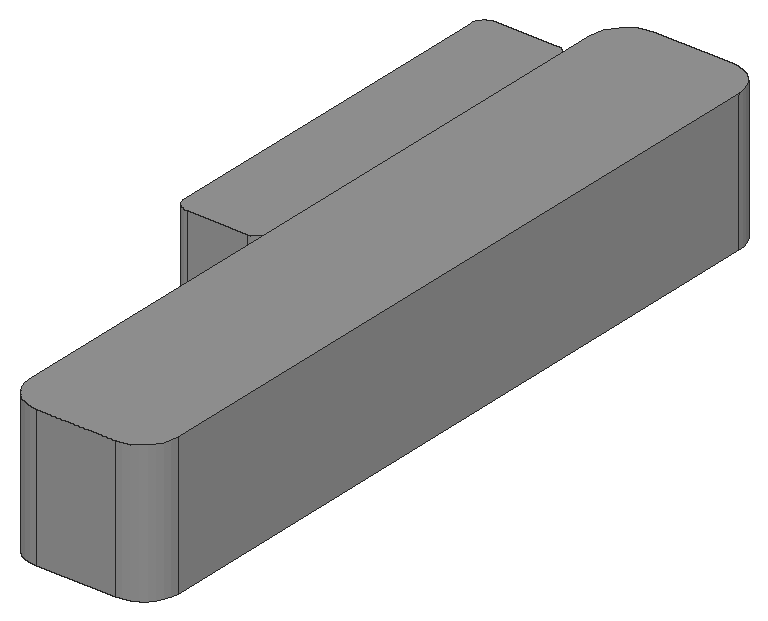
Revit family "AlarmsWirelessDoorSensor", category Security Devices, host Face, Revit 2019
Family settings
  Host = Face
  Maintain Annotation Orientation = Yes
  Round Connector Dimension = Use Diameter
  Part Type = Normal
  Cut with Voids When Loaded = No
  Shared = No
  Room Calculation Point = Yes
Parameters (values of type "BR31")
  URL = "https://www.verkada.com/alarms/wireless-intrusion-detection/"
  Type Image = BR31.png
  Type Comments = ""
  Model = "BR31"
  Manufacturer = "VERKADA"  # constant formula
  Description = "WIRELESS DOOR SENSOR"
  Default Elevation = 42.0"
  BR31 = yes
  BR13 = not(BR31)  # no
Reference planes (in)
  plane 1 "Center (Front/Back)": y = 0
  plane 2: z = 0
  plane 3 "Center (Left/Right)": x = 0
Forms (in)
  Extrusion 1, solid, material "Verkada Black", visible <- "BR31"
    sketch origin (1.09961, -0.95389, 0) x (1, 0, 0) y (0, 1, 0)
      loop
        arc (-0.59961, 2.75) -> (-0.77639, 2.67678) -> (-0.84961, 2.5) r 0.25
        line (-0.84961, 2.5) -> (-0.84961, -2.5)
        arc (-0.84961, -2.5) -> (-0.77639, -2.67678) -> (-0.59961, -2.75) r 0.25
        line (-0.59961, -2.75) -> (-0.03961, -2.75)
        arc (-0.03961, -2.75) -> (0.13717, -2.67678) -> (0.21039, -2.5) r 0.25
        line (0.21039, -2.5) -> (0.21039, 2.5)
        arc (0.21039, 2.5) -> (0.13717, 2.67678) -> (-0.03961, 2.75) r 0.25
        line (-0.03961, 2.75) -> (-0.59961, 2.75)
    from 0 to 1
  Extrusion 2, solid, material "Verkada Black", visible <- "BR31"
    sketch origin (-0.94336, 0.42111, 0) x (1, 0, 0) y (0, 1, 0)
      loop
        arc (0.31961, 1.375) -> (0.2489, 1.34571) -> (0.21961, 1.275) r 0.1
        line (0.21961, 1.275) -> (0.21961, -1.275)
        arc (0.21961, -1.275) -> (0.2489, -1.34571) -> (0.31961, -1.375) r 0.1
        line (0.31961, -1.375) -> (0.74961, -1.375)
        arc (0.74961, -1.375) -> (0.82032, -1.34571) -> (0.84961, -1.275) r 0.1
        line (0.84961, -1.275) -> (0.84961, 1.275)
        arc (0.84961, 1.275) -> (0.82032, 1.34571) -> (0.74961, 1.375) r 0.1
        line (0.74961, 1.375) -> (0.31961, 1.375)
    from 0 to 0.67
  Revolve 3, solid, visible <- "BR13"
    sketch origin (0, 0, -0.09808) x (1, 0, 0) y (0, 0, 1)
      loop
        line (0, -0.58258) -> (0.1811, -0.58258) -> (0.1811, -0.03927)
        arc (0.1811, -0.03927) -> (0.2064, -0.02647) -> (0.21654, 0) r 0.03937
        line (0.21654, 0) -> (0, 0) -> (0, -0.58258)
      loop
        line (0, 1.11349) -> (0, 0.19617) -> (0.21654, 0.19617)
        arc (0.21654, 0.19617) -> (0.2064, 0.22264) -> (0.1811, 0.23544) r 0.03937
        line (0.1811, 0.23544) -> (0.1811, 1.11349) -> (0, 1.11349)
      axis (0, 1.11349) -> (0, -0.58258)
    angle from 0 to 360
Dimensions and locks (in)
  Extrusion 1 sketch curve to Extrusion 1 sketch curve = 5.5"  (x2)
  Extrusion 2 sketch curve to Extrusion 2 sketch curve = 2.75"
  aligned and locked: plane 2 to host face
  aligned and locked: level to host face
Nested families (in)
  nested 1: "PlanSymbol_DoorSensor" at (0, 0, 0), type "Standard"
Connectors (in)
  electrical at (0, 0, 0)
    settings: index 2, voltage 0 V, apparent load 0 VA, apparent load phase1 0 VA, apparent load phase2 0 VA, apparent load phase3 0 VA, power factor 1, load classification "Other", number of poles 1, system type 10, power factor state 1, is connector primary yes, connector utility no, sub classification motor no, connector description ""
Definition of nested family "PlanSymbol_DoorSensor"
  Reference planes (in)
    plane 1: y = 0
    plane 2: x = 0
  Lines and regions (in)
    Masking region 1
      outline origin (0, 0, 0) x (1, 0, 0) y (0, 1, 0)
        loop
          line (0.08563, 0.04134) -> (0.12067, 0.04134)
          arc (0.12067, 0.04134) -> (0, 0.12756) -> (-0.12067, 0.04134) r 0.12756
          line (-0.12067, 0.04134) -> (-0.08563, 0.04134) -> (0.08563, 0.04134)
    Masking region 2
      outline origin (0, 0, 0) x (1, 0, 0) y (0, 1, 0)
        loop
          line (-0.08563, 0.04134) -> (-0.12067, 0.04134)
          arc (-0.12067, 0.04134) -> (-0.12756, 0) -> (-0.12067, -0.04134) r 0.12756
          line (-0.12067, -0.04134) -> (-0.08563, -0.04134) -> (0.08563, -0.04134) -> (0.12067, -0.04134)
          arc (0.12067, -0.04134) -> (0.12756, 0) -> (0.12067, 0.04134) r 0.12756
          line (0.12067, 0.04134) -> (0.08563, 0.04134) -> (-0.08563, 0.04134)
    Masking region 3
      outline origin (0, 0, 0) x (0, -1, 0) y (1, 0, 0)
        loop
          line (0.04134, 0.08563) -> (0.04134, -0.08563) -> (0.04134, -0.12067)
          arc (0.04134, -0.12067) -> (0.12756, 0) -> (0.04134, 0.12067) r 0.12756
          line (0.04134, 0.12067) -> (0.04134, 0.08563)
